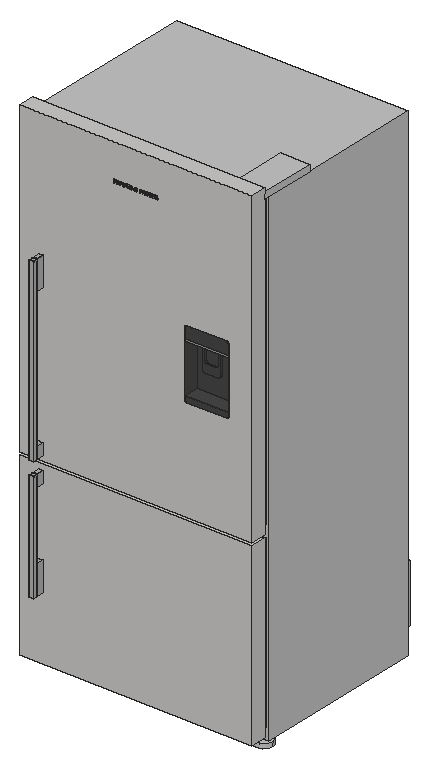
Revit family "FP-Revit18-E522BRXFDU4-Fridges", category Specialty Equipment, Revit 2018
Family settings
  Round Connector Dimension = Use Diameter
  Part Type = Normal
  OmniClass Number = 23.40.40.11.11.17
  OmniClass Title = Refrigerator-Freezer
  Work Plane-Based = No
  Always vertical = Yes
  Cut with Voids When Loaded = Yes
  Shared = No
  Room Calculation Point = No
Parameters (values of type "E522BRXFDU4")
  Visibility - Clearance Required = yes
  URL = "www.fisherpaykel.com"
  Product - Width = 790 mm  # constant formula
  Product - Height = 1720 mm  # constant formula
  Product - Depth = 736 mm  # constant formula
  Model = "E522BRXFDU4"
  Material - Logo = Fisher & Paykel - Steel, Chrome Plated
  Material - Handle = Fisher & Paykel - Aluminium
  Material - Door Structure = Fisher & Paykel - White
  Material - Door Front = Fisher & Paykel - Stainless Steel
  Material - Body = Fisher & Paykel - Grey
  Manufacturer = "Fisher & Paykel Appliances"
  Description = "79cm Freestanding Refrigerator with Bottom Freezer, Ice & Water"
  Connector Description - Water = "Ø6mm (1/4”) quick connect, Max Supply Pressure 120psi (827kPa)"
  Connector Description - Electrical = "230 V, 50Hz"
  Chassis - Width = 790 mm  # constant formula
  Chassis - Height = 1662 mm  # constant formula
  Chassis - Depth = 625 mm  # constant formula
  Cavity - Width = 830 mm  # constant formula
  Cavity - Height = 1735 mm  # constant formula
  Cavity - Depth = 625 mm  # constant formula
Reference planes
  plane 1 "Datum": y = 0
  plane 2: z = 0
  plane 3 "Center (Left/Right)": x = 0
  plane 4 "Product LHS": x = -395
  plane 5 "Product RHS": x = 395
  plane 6 "Product - Depth": y = 625
  plane 7 "Cavity LHS": x = -415
  plane 8 "Cavity RHS": x = 415
  plane 9 "Cavity - Depth": y = 625
  plane 10 "Product Height": z = 1720
  plane 11 "Cavity Height": z = 1735
  plane 12 "Door Panel Front": y = -70
Forms (mm)
  Extrusion 1, solid, material "Fisher & Paykel - Grey" <- "Material - Body"
    sketch origin (0, 0, 0) x (0, 1, 0) y (0, 0, 1)
      loop
        line (0, 24) -> (595, 24) -> (595, 1686) -> (0, 1686) -> (0, 24)
    from -395 to 395
  Extrusion 2, solid, material "Fisher & Paykel - Grey" <- "Material - Body"
    sketch origin (0, 0, 0) x (1, 0, 0) y (0, 1, 0)
      loop
        circle (-365, 18.6) r 4.9
      loop
        circle (365, 18.6) r 4.9
    from 14 to 24
  Extrusion 3, solid, material "Fisher & Paykel - Grey" <- "Material - Body"
    sketch origin (0, 0, 0) x (1, 0, 0) y (0, 1, 0)
      loop
        circle (-365, 18.6) r 30
      loop
        circle (365, 18.6) r 30
    from 0 to 14
  Extrusion 4, solid, material "Fisher & Paykel - Grey" <- "Material - Body"
    sketch origin (0, 0, 0) x (1, 0, 0) y (0, 0, 1)
      loop
        circle (355.042, 69) r 5
      loop
        circle (305.042, 69) r 5
    from -615 to -595
  Extrusion 5, solid, material "Fisher & Paykel - White" <- "Material - Door Structure"
    sketch origin (0, 0, 0) x (1, 0, 0) y (0, 1, 0)
      loop
        line (-387, 0) -> (-387, -15) -> (387, -15) -> (387, 0) -> (-387, 0)
    from 682 to 1680
  Extrusion 6, solid, material "Fisher & Paykel - Stainless Steel" <- "Material - Door Front"
    sketch origin (0, 0, 0) x (1, 0, 0) y (0, 1, 0)
      loop
        line (-395, -15) -> (-395, -70) -> (395, -70) -> (395, -15) -> (-395, -15)
    from 660 to 1720
  Extrusion 7, solid, material "Fisher & Paykel - Clearance Required", visible <- "Visibility - Clearance Required", detail levels coarse
    sketch origin (0, 0, 0) x (1, 0, 0) y (0, 1, 0)
      loop
        line (-415, 625) -> (-415, -70) -> (550, -70) -> (550, 0) -> (415, 0) -> (415, 625) -> (-415, 625)
    from 0 to 1735
  Extrusion 8, void
    sketch origin (0, 0, 0) x (1, 0, 0) y (0, 1, 0)
      loop
        line (-415, 625) -> (-415, -70) -> (550, -70) -> (550, 0) -> (415, 0) -> (415, 625) -> (-415, 625)
    from 0 to 1735
  Extrusion 9, solid, material "Fisher & Paykel - Stainless Steel" <- "Material - Door Front"
    sketch origin (0, 0, 0) x (1, 0, 0) y (0, 1, 0)
      loop
        line (-395, -15) -> (-395, -70) -> (395, -70) -> (395, -15) -> (-395, -15)
    from 40 to 650
  Extrusion 10, solid, material "Fisher & Paykel - White" <- "Material - Door Structure"
    sketch origin (0, 0, 0) x (1, 0, 0) y (0, 1, 0)
      loop
        line (-387, 0) -> (-387, -15) -> (387, -15) -> (387, 0) -> (-387, 0)
    from 62 to 642
  Extrusion 11, solid, material "Fisher & Paykel - Grey" <- "Material - Body"
    sketch origin (229.237, 0, 0) x (0, 1, 0) y (0, 0, 1)
      loop
        line (595, 324) -> (595, 94) -> (625, 94) -> (625, 294) -> (595, 324)
    from -604.237 to 145.763
  Extrusion 12, solid, material "Fisher & Paykel - Grey" <- "Material - Body"
    sketch origin (0, 0, 0) x (0, 1, 0) y (0, 0, 1)
      loop
        line (595, 94) -> (595, 24) -> (625, 24) -> (625, 94) -> (595, 94)
    from -375 to 280
  Extrusion 13, solid, material "Fisher & Paykel - Grey" <- "Material - Body"
    sketch origin (0, 0, 0) x (1, 0, 0) y (0, 1, 0)
      loop
        line (296.4, 174) -> (296.4, -15) -> (395, -15) -> (395, 174) -> (296.4, 174)
    from 1686 to 1708
  Extrusion 14, solid, material "Fisher & Paykel - Clearance Required", visible <- "Visibility - Clearance Required", detail levels coarse
    sketch origin (0, 0, 0) x (1, 0, 0) y (0, 1, 0)
      loop
        arc (-395, -70) -> (135.432, -761.124) -> (975.827, -531.456) r 781.226
        line (975.827, -531.456) -> (928.772, -489.304) -> (956.233, -458.65) -> (945.351, -447.768) -> (917.327, -479.052) -> (460.698, -70) -> (-395, -70)
    from 0 to 1735
  Extrusion 15, void
    sketch origin (-955, 0, 0) x (1, 0, 0) y (0, 0, 1)
      loop
        arc (1128, 1245.6) -> (1122.343, 1243.257) -> (1120, 1237.6) r 8
        line (1120, 1237.6) -> (1120, 1018)
        arc (1120, 1018) -> (1122.343, 1012.343) -> (1128, 1010) r 8
        line (1128, 1010) -> (1262.5, 1010)
        arc (1262.5, 1010) -> (1268.157, 1012.343) -> (1270.5, 1018) r 8
        line (1270.5, 1018) -> (1270.5, 1237.6)
        arc (1270.5, 1237.6) -> (1268.157, 1243.257) -> (1262.5, 1245.6) r 8
        line (1262.5, 1245.6) -> (1128, 1245.6)
    from 15 to 70
  Extrusion 16, solid, material "Fisher & Paykel - Grey" <- "Material - Body", detail levels fine
    sketch origin (0, 0, -4) x (0, 1, 0) y (0, 0, 1)
      loop
        arc (62.091, 28) -> (87.5, 4) -> (112.909, 28) r 25.45
        line (112.909, 28) -> (62.091, 28)
      loop
        arc (503.639, 28) -> (529.047, 4) -> (554.456, 28) r 25.45
        line (554.456, 28) -> (503.639, 28)
    from 345 to 362
  Extrusion 17, solid, material "Fisher & Paykel - Grey" <- "Material - Body", detail levels fine
    sketch origin (0, 0, -4) x (0, 1, 0) y (0, 0, -1)
      loop
        line (62.091, -28) -> (112.909, -28)
        arc (112.909, -28) -> (87.5, -4) -> (62.091, -28) r 25.45
      loop
        line (503.639, -28) -> (554.456, -28)
        arc (554.456, -28) -> (529.047, -4) -> (503.639, -28) r 25.45
    from 345 to 362
  Extrusion 18, solid, material "Fisher & Paykel - Aluminium" <- "Material - Handle", detail levels fine
    sketch origin (-324.3, -70, 0) x (1, 0, 0) y (0, 1, 0)
      loop
        arc (-7.7, -27.749) -> (0.04, -25.059) -> (7.7, -27.971) r 11.986
        line (7.7, -27.971) -> (7.7, 0) -> (-7.7, 0) -> (-7.7, -27.749)
    from 257 to 357
  Extrusion 19, solid, material "Fisher & Paykel - Aluminium" <- "Material - Handle", detail levels fine
    sketch origin (-324.3, -70, 0) x (1, 0, 0) y (0, 1, 0)
      loop
        arc (-7.7, -27.749) -> (0.04, -25.059) -> (7.7, -27.971) r 11.986
        line (7.7, -27.971) -> (7.7, 0) -> (-7.7, 0) -> (-7.7, -27.749)
    from 591 to 631
  Extrusion 20, solid, material "Fisher & Paykel - Aluminium" <- "Material - Handle", detail levels fine
    sketch origin (-324.3, -70, 0) x (1, 0, 0) y (0, 1, 0)
      loop
        arc (-7.7, -27.749) -> (0.04, -25.059) -> (7.7, -27.971) r 11.986
        line (7.7, -27.971) -> (7.7, 0) -> (-7.7, 0) -> (-7.7, -27.749)
    from 676 to 716
  Extrusion 21, solid, material "Fisher & Paykel - Aluminium" <- "Material - Handle", detail levels fine
    sketch origin (-324.3, -70, 0) x (1, 0, 0) y (0, 1, 0)
      loop
        arc (-7.7, -27.749) -> (0.04, -25.059) -> (7.7, -27.971) r 11.986
        line (7.7, -27.971) -> (7.7, 0) -> (-7.7, 0) -> (-7.7, -27.749)
    from 1188 to 1288
  Extrusion 22, solid, material "Fisher & Paykel - Aluminium" <- "Material - Handle", detail levels fine
    sketch origin (-324.3, -70, 0) x (1, 0, 0) y (0, 1, 0)
      loop
        arc (-8, -39.496) -> (-7.559, -40.559) -> (-6.496, -41) r 1.504
        line (-6.496, -41) -> (6.5, -41)
        arc (6.5, -41) -> (7.561, -40.561) -> (8, -39.5) r 1.5
        line (8, -39.5) -> (8, -28.788)
        arc (8, -28.788) -> (7.908, -28.369) -> (7.649, -28.028) r 1
        arc (7.649, -28.028) -> (0.055, -25.159) -> (-7.625, -27.788) r 11.986
        arc (-7.625, -27.788) -> (-7.901, -28.136) -> (-8, -28.569) r 1
        line (-8, -28.569) -> (-8, -39.496)
    from 676 to 1288
  Extrusion 23, solid, material "Fisher & Paykel - Aluminium" <- "Material - Handle", detail levels fine
    sketch origin (-324.3, -70, 0) x (1, 0, 0) y (0, 1, 0)
      loop
        arc (-8, -39.496) -> (-7.559, -40.559) -> (-6.496, -41) r 1.504
        line (-6.496, -41) -> (6.5, -41)
        arc (6.5, -41) -> (7.561, -40.561) -> (8, -39.5) r 1.5
        line (8, -39.5) -> (8, -28.788)
        arc (8, -28.788) -> (7.908, -28.369) -> (7.649, -28.028) r 1
        arc (7.649, -28.028) -> (0.055, -25.159) -> (-7.625, -27.788) r 11.986
        arc (-7.625, -27.788) -> (-7.901, -28.136) -> (-8, -28.569) r 1
        line (-8, -28.569) -> (-8, -39.496)
    from 257 to 631
  Extrusion 24, solid, material "Fisher & Paykel - Aluminium" <- "Material - Handle", detail levels coarse+medium
    sketch origin (-324.3, -70, 0) x (0, 1, 0) y (0, 0, 1)
      loop
        line (0, 1288) -> (-41, 1288) -> (-41, 676) -> (0, 676) -> (0, 716) -> (-25.058, 716) -> (-25.058, 1188) -> (0, 1188) -> (0, 1288)
      loop
        line (0, 631) -> (-41, 631) -> (-41, 257) -> (0, 257) -> (0, 357) -> (-25, 357) -> (-25, 591) -> (0, 591) -> (0, 631)
    from -8 to 8
  Sweep 25, void
    path in 3D
      loop
        line (-332.3, -98.569, 1288) -> (-332.3, -109.496, 1288)
        arc (-332.3, -109.496, 1288) -> (-331.859, -110.559, 1288) -> (-330.796, -111, 1288) r 1.504
        line (-330.796, -111, 1288) -> (-317.8, -111, 1288)
        arc (-317.8, -111, 1288) -> (-316.739, -110.561, 1288) -> (-316.3, -109.5, 1288) r 1.5
        line (-316.3, -109.5, 1288) -> (-316.3, -98.788, 1288)
    profile origin (-316.3, -104.144, 1288) x (-1, 0, 0) y (0, 0, 1)
      loop
        line (0, 0) -> (0, -1.2) -> (1.2, 0) -> (0, 0)
  Extrusion 26, void
    sketch origin (-324.3, -70, -3) x (1, 0, 0) y (0, 0, 1)
      loop
        line (6.8, 1291) -> (8, 1289.8) -> (8, 1291) -> (6.8, 1291)
      loop
        line (-6.8, 1291) -> (-8, 1291) -> (-8, 1289.8) -> (-6.8, 1291)
    from 0 to 41
  Sweep 27, void
    path in 3D
      loop
        line (-332.3, -98.569, 631) -> (-332.3, -109.496, 631)
        arc (-332.3, -109.496, 631) -> (-331.859, -110.559, 631) -> (-330.796, -111, 631) r 1.504
        line (-330.796, -111, 631) -> (-317.8, -111, 631)
        arc (-317.8, -111, 631) -> (-316.739, -110.561, 631) -> (-316.3, -109.5, 631) r 1.5
        line (-316.3, -109.5, 631) -> (-316.3, -98.788, 631)
    profile origin (-316.3, -104.144, 631) x (-1, 0, 0) y (0, 0, 1)
      loop
        line (0, 0) -> (0, -1.2) -> (1.2, 0) -> (0, 0)
  Extrusion 28, void
    sketch origin (-324.3, -70, -3) x (1, 0, 0) y (0, 0, 1)
      loop
        line (6.8, 634) -> (8, 632.8) -> (8, 634) -> (6.8, 634)
      loop
        line (-6.8, 634) -> (-8, 634) -> (-8, 632.8) -> (-6.8, 634)
    from 0 to 41
  Extrusion 29, solid, material "Fisher & Paykel - Aluminium" <- "Material - Handle", not visible, detail levels fine
    sketch origin (1231.336, 179.177, 0) x (1, 0, 0) y (0, 1, 0)
      loop
        arc (-7.7, -27.749) -> (0.04, -25.059) -> (7.7, -27.971) r 11.986
        line (7.7, -27.971) -> (7.7, 0) -> (-7.7, 0) -> (-7.7, -27.749)
    from 257 to 357
  Extrusion 30, solid, material "Fisher & Paykel - Aluminium" <- "Material - Handle", not visible, detail levels fine
    sketch origin (1231.336, 179.177, 0) x (1, 0, 0) y (0, 1, 0)
      loop
        arc (-7.7, -27.749) -> (0.04, -25.059) -> (7.7, -27.971) r 11.986
        line (7.7, -27.971) -> (7.7, 0) -> (-7.7, 0) -> (-7.7, -27.749)
    from 591 to 631
  Extrusion 31, solid, material "Fisher & Paykel - Aluminium" <- "Material - Handle", not visible, detail levels fine
    sketch origin (1231.336, 179.177, 0) x (1, 0, 0) y (0, 1, 0)
      loop
        arc (-7.7, -27.749) -> (0.04, -25.059) -> (7.7, -27.971) r 11.986
        line (7.7, -27.971) -> (7.7, 0) -> (-7.7, 0) -> (-7.7, -27.749)
    from 676 to 716
  Extrusion 32, solid, material "Fisher & Paykel - Aluminium" <- "Material - Handle", not visible, detail levels fine
    sketch origin (1231.336, 179.177, 0) x (1, 0, 0) y (0, 1, 0)
      loop
        arc (-7.7, -27.749) -> (0.04, -25.059) -> (7.7, -27.971) r 11.986
        line (7.7, -27.971) -> (7.7, 0) -> (-7.7, 0) -> (-7.7, -27.749)
    from 1188 to 1288
  Extrusion 33, solid, material "Fisher & Paykel - Aluminium" <- "Material - Handle", not visible, detail levels fine
    sketch origin (1231.336, 179.177, 0) x (1, 0, 0) y (0, 1, 0)
      loop
        arc (-8, -39.496) -> (-7.559, -40.559) -> (-6.496, -41) r 1.504
        line (-6.496, -41) -> (6.5, -41)
        arc (6.5, -41) -> (7.561, -40.561) -> (8, -39.5) r 1.5
        line (8, -39.5) -> (8, -28.788)
        arc (8, -28.788) -> (7.908, -28.369) -> (7.649, -28.028) r 1
        arc (7.649, -28.028) -> (0.055, -25.159) -> (-7.625, -27.788) r 11.986
        arc (-7.625, -27.788) -> (-7.901, -28.136) -> (-8, -28.569) r 1
        line (-8, -28.569) -> (-8, -39.496)
    from 676 to 1288
  Extrusion 34, solid, material "Fisher & Paykel - Aluminium" <- "Material - Handle", not visible, detail levels fine
    sketch origin (1231.336, 179.177, 0) x (1, 0, 0) y (0, 1, 0)
      loop
        arc (-8, -39.496) -> (-7.559, -40.559) -> (-6.496, -41) r 1.504
        line (-6.496, -41) -> (6.5, -41)
        arc (6.5, -41) -> (7.561, -40.561) -> (8, -39.5) r 1.5
        line (8, -39.5) -> (8, -28.788)
        arc (8, -28.788) -> (7.908, -28.369) -> (7.649, -28.028) r 1
        arc (7.649, -28.028) -> (0.055, -25.159) -> (-7.625, -27.788) r 11.986
        arc (-7.625, -27.788) -> (-7.901, -28.136) -> (-8, -28.569) r 1
        line (-8, -28.569) -> (-8, -39.496)
    from 257 to 631
  Extrusion 35, solid, material "Fisher & Paykel - Aluminium" <- "Material - Handle", not visible, detail levels coarse+medium
    sketch origin (1231.336, 179.177, 0) x (0, 1, 0) y (0, 0, 1)
      loop
        line (0, 1288) -> (-41, 1288) -> (-41, 676) -> (0, 676) -> (0, 716) -> (-25.058, 716) -> (-25.058, 1188) -> (0, 1188) -> (0, 1288)
      loop
        line (0, 631) -> (-41, 631) -> (-41, 257) -> (0, 257) -> (0, 357) -> (-25, 357) -> (-25, 591) -> (0, 591) -> (0, 631)
    from -8 to 8
  Sweep 36, void, not visible
    path in 3D
      loop
        line (1223.336, 150.608, 1288) -> (1223.336, 139.681, 1288)
        arc (1223.336, 139.681, 1288) -> (1223.777, 138.617, 1288) -> (1224.84, 138.177, 1288) r 1.504
        line (1224.84, 138.177, 1288) -> (1237.836, 138.177, 1288)
        arc (1237.836, 138.177, 1288) -> (1238.897, 138.616, 1288) -> (1239.336, 139.677, 1288) r 1.5
        line (1239.336, 139.677, 1288) -> (1239.336, 150.389, 1288)
    profile origin (1239.336, 145.033, 1288) x (-1, 0, 0) y (0, 0, 1)
      loop
        line (0, 0) -> (0, -1.2) -> (1.2, 0) -> (0, 0)
  Extrusion 37, void, not visible
    sketch origin (1231.336, 179.177, -3) x (1, 0, 0) y (0, 0, 1)
      loop
        line (6.8, 1291) -> (8, 1289.8) -> (8, 1291) -> (6.8, 1291)
      loop
        line (-6.8, 1291) -> (-8, 1291) -> (-8, 1289.8) -> (-6.8, 1291)
    from 0 to 41
  Sweep 38, void, not visible
    path in 3D
      loop
        line (1223.336, 150.608, 631) -> (1223.336, 139.681, 631)
        arc (1223.336, 139.681, 631) -> (1223.777, 138.617, 631) -> (1224.84, 138.177, 631) r 1.504
        line (1224.84, 138.177, 631) -> (1237.836, 138.177, 631)
        arc (1237.836, 138.177, 631) -> (1238.897, 138.616, 631) -> (1239.336, 139.677, 631) r 1.5
        line (1239.336, 139.677, 631) -> (1239.336, 150.389, 631)
    profile origin (1239.336, 145.033, 631) x (-1, 0, 0) y (0, 0, 1)
      loop
        line (0, 0) -> (0, -1.2) -> (1.2, 0) -> (0, 0)
  Extrusion 39, void, not visible
    sketch origin (1231.336, 179.177, -3) x (1, 0, 0) y (0, 0, 1)
      loop
        line (6.8, 634) -> (8, 632.8) -> (8, 634) -> (6.8, 634)
      loop
        line (-6.8, 634) -> (-8, 634) -> (-8, 632.8) -> (-6.8, 634)
    from 0 to 41
  Extrusion 40, solid, material "Fisher & Paykel - Steel, Chrome Plated" <- "Material - Logo", detail levels fine
    sketch origin (0, -70, 1596) x (1, 0, 0) y (0, 0, 1)
      loop
        line (-74.994, 0) -> (-72.633, 0) -> (-72.633, 3.207) -> (-68.944, 3.207) -> (-68.944, 5.208) -> (-72.633, 5.208) -> (-72.633, 7.068) -> (-68.62, 7.068) -> (-68.62, 9.06) -> (-74.994, 9.06) -> (-74.994, 0)
      loop
        line (-64.134, 9.06) -> (-64.134, 0) -> (-61.773, 0) -> (-61.773, 9.06) -> (-64.134, 9.06)
      loop
        line (-46.015, 9.06) -> (-46.015, 0) -> (-43.654, 0) -> (-43.654, 3.63) -> (-40.187, 3.63) -> (-40.187, 0) -> (-37.826, 0) -> (-37.826, 9.06) -> (-40.187, 9.06) -> (-40.187, 5.622) -> (-43.654, 5.622) -> (-43.654, 9.06) -> (-46.015, 9.06)
      loop
        line (-32.787, 9.06) -> (-32.787, 0) -> (-26.332, 0) -> (-26.332, 1.992) -> (-30.448, 1.992) -> (-30.448, 3.63) -> (-26.686, 3.63) -> (-26.686, 5.622) -> (-30.448, 5.622) -> (-30.448, 7.068) -> (-26.332, 7.068) -> (-26.332, 9.06) -> (-32.787, 9.06)
      loop
        line (68.572, 9.06) -> (68.572, 0) -> (75.006, 0) -> (75.006, 1.992) -> (70.933, 1.992) -> (70.933, 9.06) -> (68.572, 9.06)
      loop
        line (63.719, 9.06) -> (57.241, 9.06) -> (57.241, 0) -> (63.719, 0) -> (63.719, 1.992) -> (59.602, 1.992) -> (59.602, 3.63) -> (63.364, 3.63) -> (63.364, 5.622) -> (59.602, 5.622) -> (59.602, 7.068) -> (63.719, 7.068) -> (63.719, 9.06)
      loop
        line (50.248, 4.722) -> (53.597, 9.06) -> (50.837, 9.06) -> (47.945, 5.313) -> (47.945, 9.06) -> (45.585, 9.06) -> (45.585, 0) -> (47.945, 0) -> (47.945, 4.058) -> (50.926, 0) -> (53.716, 0) -> (50.248, 4.722)
      loop
        line (33.043, 9.06) -> (36.466, 3.63) -> (36.466, 0) -> (38.827, 0) -> (38.827, 3.511) -> (42.25, 9.06) -> (39.742, 9.06) -> (37.721, 5.561) -> (35.701, 9.06) -> (33.043, 9.06)
      loop
        line (27.79, 9.06) -> (25.547, 9.06) -> (21.858, 0) -> (24.175, 0) -> (24.824, 1.668) -> (28.454, 1.668) -> (29.103, 0) -> (31.479, 0) -> (27.79, 9.06)
      loop
        line (27.671, 3.659) -> (26.612, 6.261) -> (25.599, 3.659) -> (27.671, 3.659)
      loop
        line (12.119, 9.06) -> (12.119, 0) -> (14.48, 0) -> (14.48, 2.907) -> (15.971, 2.907)
        arc (15.971, 2.907) -> (19.048, 5.983) -> (15.971, 9.06) r 3.077
        line (15.971, 9.06) -> (12.119, 9.06)
      loop
        line (14.48, 7.068) -> (14.48, 4.796) -> (15.824, 4.796)
        arc (15.824, 4.796) -> (16.96, 5.932) -> (15.824, 7.068) r 1.136
        line (15.824, 7.068) -> (14.48, 7.068)
      loop
        line (-17.602, 9.06) -> (-21.477, 9.06) -> (-21.477, 0) -> (-19.116, 0) -> (-19.116, 2.522) -> (-18.311, 2.522) -> (-16.387, 0) -> (-13.657, 0) -> (-15.969, 2.959)
        arc (-15.969, 2.959) -> (-14.445, 6.636) -> (-17.602, 9.06) r 3.269
      loop
        line (-17.774, 7.068) -> (-19.116, 7.068) -> (-19.116, 4.579) -> (-17.774, 4.579)
        arc (-17.774, 4.579) -> (-16.529, 5.823) -> (-17.774, 7.068) r 1.244
      loop
        line (0.788, 7.068) -> (0.788, 9.229) -> (-5.291, 9.229) -> (-5.291, 7.276) -> (-4.389, 6.167)
        arc (-4.389, 6.167) -> (-5.193, 1.025) -> (0.005, 0.768) r 3.5
        line (0.005, 0.768) -> (0.63, 0) -> (3.308, 0) -> (1.362, 2.391) -> (3.12, 4.924) -> (0.694, 4.924) -> (0.053, 4) -> (-2.443, 7.068) -> (0.788, 7.068)
      loop
        arc (-3.116, 4.603) -> (-3.331, 2.502) -> (-1.23, 2.286) r 1.493
        line (-1.23, 2.286) -> (-3.116, 4.603)
      loop
        line (-52.698, 5.451) -> (-54.701, 5.866)
        arc (-54.701, 5.866) -> (-55.501, 6.665) -> (-54.701, 7.465) r 0.799
        arc (-54.701, 7.465) -> (-52.78, 7.185) -> (-51.017, 6.371) r 6.757
        line (-51.017, 6.371) -> (-51.017, 8.615)
        arc (-51.017, 8.615) -> (-53.252, 9.269) -> (-55.578, 9.164) r 7.089
        arc (-55.578, 9.164) -> (-57.732, 6.502) -> (-55.578, 3.841) r 2.721
        line (-55.578, 3.841) -> (-53.559, 3.423)
        arc (-53.559, 3.423) -> (-52.76, 2.623) -> (-53.559, 1.824) r 0.799
        arc (-53.559, 1.824) -> (-55.481, 2.103) -> (-57.244, 2.917) r 6.757
        line (-57.244, 2.917) -> (-57.244, 0.674)
        arc (-57.244, 0.674) -> (-55.009, 0.02) -> (-52.682, 0.125) r 7.089
        arc (-52.682, 0.125) -> (-50.529, 2.795) -> (-52.698, 5.451) r 2.721
    from 0 to 0.8
Cuts and joins
  joined: Extrusion 11, Extrusion 12
  Extrusion 15, Extrusion 26 cuts Extrusion 6
  Sweep 25 cuts Extrusion 14
  Sweep 25, Extrusion 26 cuts Extrusion 22
  Sweep 25 cuts Extrusion 24
  Extrusion 26 cuts Extrusion 7
  Extrusion 26 cuts Extrusion 21
  Sweep 27, Extrusion 28 cuts Extrusion 23
  Extrusion 28 cuts Extrusion 9
  Extrusion 28 cuts Extrusion 19
Lines and regions (mm)
  sketch lines
    curve 1: line (-316.3, -109.5, 1288) -> (-316.3, -98.788, 1288)
    curve 2: arc (-316.3, -109.5, 1288) -> (-316.739, -110.561, 1288) -> (-317.8, -111, 1288) r 1.5
    curve 3: line (-330.796, -111, 1288) -> (-317.8, -111, 1288)
    curve 4: arc (-330.796, -111, 1288) -> (-331.859, -110.559, 1288) -> (-332.3, -109.496, 1288) r 1.504
    curve 5: line (-332.3, -98.569, 1288) -> (-332.3, -109.496, 1288)
    curve 6: line (-316.3, -109.5, 631) -> (-316.3, -98.788, 631)
    curve 7: arc (-316.3, -109.5, 631) -> (-316.739, -110.561, 631) -> (-317.8, -111, 631) r 1.5
    curve 8: arc (-330.796, -111, 631) -> (-331.859, -110.559, 631) -> (-332.3, -109.496, 631) r 1.504
    curve 9: line (-332.3, -98.569, 631) -> (-332.3, -109.496, 631)
    curve 10: line (-330.796, -111, 631) -> (-317.8, -111, 631)
  sketch lines, not visible
    curve 11: line (1239.336, 139.677, 1288) -> (1239.336, 150.389, 1288)
    curve 12: arc (1239.336, 139.677, 1288) -> (1238.897, 138.616, 1288) -> (1237.836, 138.177, 1288) r 1.5
    curve 13: line (1224.84, 138.177, 1288) -> (1237.836, 138.177, 1288)
    curve 14: arc (1224.84, 138.177, 1288) -> (1223.777, 138.617, 1288) -> (1223.336, 139.681, 1288) r 1.504
    curve 15: line (1223.336, 150.608, 1288) -> (1223.336, 139.681, 1288)
    curve 16: line (1239.336, 139.677, 631) -> (1239.336, 150.389, 631)
    curve 17: arc (1239.336, 139.677, 631) -> (1238.897, 138.616, 631) -> (1237.836, 138.177, 631) r 1.5
    curve 18: arc (1224.84, 138.177, 631) -> (1223.777, 138.617, 631) -> (1223.336, 139.681, 631) r 1.504
    curve 19: line (1223.336, 150.608, 631) -> (1223.336, 139.681, 631)
    curve 20: line (1224.84, 138.177, 631) -> (1237.836, 138.177, 631)
Text (mm)
  text "Due to ongoing product development, product details are subject to change without notice. \nPlease always refer to www.fisherpaykel.com for the most current product information. \n© Fisher & Paykel 2020" at (41.04, -848.295, 0), in view "Ref. Level (Plan)"
Dimensions and locks
  equal spacing: plane 4 "Product LHS", plane 3 "Center (Left/Right)", plane 5 "Product RHS"
  "Product - Width": plane 4 "Product LHS" to plane 5 "Product RHS"
  "Cavity - Depth": plane 1 "Datum" to plane 6 "Product - Depth"
  equal spacing: plane 7 "Cavity LHS", plane 3 "Center (Left/Right)", plane 8 "Cavity RHS"
  "Cavity - Width": plane 7 "Cavity LHS" to plane 8 "Cavity RHS"
  Extrusion 4 sketch curve to plane 5 "Product RHS" = 39.958 mm
  locked: Extrusion 3 to level at 14
  "Product - Height": level to plane 10 "Product Height"
  Extrusion 1 sketch curve to plane 10 "Product Height" = 34 mm
  "Cavity - Height": plane 11 "Cavity Height" to level
  "Chassis - Depth": plane 1 "Datum" to plane 9 "Cavity - Depth"
  "Chassis - Depth": plane 1 "Datum" to cut or joined group of Extrusion 11, Extrusion 12
  Extrusion 15 sketch curve to Extrusion 15 sketch curve = 235.6 mm
  Extrusion 15 sketch curve to level = 1010 mm
  locked: Extrusion 9 to Extrusion 1 at 16
  locked: Extrusion 9 to Extrusion 1 at 626
  locked: cut or joined group of Extrusion 6, Extrusion 15, Extrusion 26 to Extrusion 1 at 636
  locked: Extrusion 1 to Extrusion 10 at 38
  locked: Extrusion 1 to Extrusion 5 at 658
  locked: Extrusion 1 to Extrusion 10 at 618
  locked: Extrusion 1 to Extrusion 5 at 1656
  locked: Extrusion 13 to Extrusion 1 at 22
  "Chassis - Height": Extrusion 1 to Extrusion 1
  locked: Extrusion 1 to plane 10 "Product Height" at 34
  locked: Extrusion 1 to cut or joined group of Extrusion 11, Extrusion 12 at 70
  locked: Extrusion 4 sketch curve to cut or joined group of Extrusion 11, Extrusion 12 at 25  (x2)
  Extrusion 40 to plane 2 = 1596 mm
  aligned and locked: level to plane 2
  aligned and locked: Extrusion 1 to plane 5 "Product RHS"
  aligned and locked: plane 4 "Product LHS" to Extrusion 1
  aligned and locked: Extrusion 6 sketch curve to plane 4 "Product LHS"
  aligned and locked: plane 5 "Product RHS" to Extrusion 6 sketch curve
  aligned and locked: Extrusion 1 sketch curve to plane 1 "Datum"
  aligned and locked: Extrusion 12 sketch curve to plane 6 "Product - Depth"
  aligned and locked: Extrusion 4 to Extrusion 1
  aligned and locked: Extrusion 13 to Extrusion 1
  aligned and locked: Extrusion 6 to plane 10 "Product Height"
  aligned and locked: Extrusion 2 to Extrusion 1
  aligned and locked: Extrusion 16 sketch curve to Extrusion 16 sketch curve
  aligned and locked: Extrusion 1 to Extrusion 12
  aligned and locked: Extrusion 12 to Extrusion 11
  aligned and locked: Extrusion 7 to plane 11 "Cavity Height"
  aligned and locked: Extrusion 1 to Extrusion 16 sketch curve
  aligned and locked: Extrusion 17 sketch curve to Extrusion 1  (x2)
  aligned and locked: Extrusion 8 to plane 11 "Cavity Height"
  aligned and locked: Extrusion 23 to Extrusion 24
  aligned and locked: Extrusion 24 to Extrusion 18
  aligned and locked: Extrusion 24 to Extrusion 23
  aligned and locked: Extrusion 19 to Extrusion 24
  aligned and locked: Extrusion 22 to Extrusion 24
  aligned and locked: Extrusion 24 to Extrusion 20
  aligned and locked: Extrusion 21 to Extrusion 24
Automatic sketch dimensions
  Extrusion 1 sketch curve to plane 6 "Product - Depth" = 30 mm
  level to Extrusion 1 sketch curve = 24 mm
  Extrusion 2 sketch curve to plane 4 "Product LHS" = 30 mm
  plane 5 "Product RHS" to Extrusion 2 sketch curve = 30 mm
  Extrusion 2 sketch curve to plane 1 "Datum" = 18.6 mm  (x2)
  Extrusion 3 sketch curve to plane 4 "Product LHS" = 30 mm
  plane 5 "Product RHS" to Extrusion 3 sketch curve = 30 mm
  Extrusion 3 sketch curve to plane 1 "Datum" = 18.6 mm  (x2)
  Extrusion 4 sketch curve to Extrusion 4 sketch curve = 50 mm
  plane 1 "Datum" to Extrusion 5 sketch curve = 0 mm
  Extrusion 5 sketch curve to plane 4 "Product LHS" = 8 mm
  plane 5 "Product RHS" to Extrusion 5 sketch curve = 8 mm
  plane 1 "Datum" to Extrusion 5 sketch curve = 15 mm
  plane 1 "Datum" to Extrusion 6 sketch curve = 70 mm
  plane 1 "Datum" to Extrusion 6 sketch curve = 15 mm
  Extrusion 7 sketch curve to plane 6 "Product - Depth" = 0 mm
  Extrusion 7 sketch curve to plane 7 "Cavity LHS" = 0 mm
  plane 1 "Datum" to Extrusion 7 sketch curve = 0 mm
  Extrusion 7 sketch curve to plane 8 "Cavity RHS" = 0 mm
  Extrusion 7 sketch curve to plane 8 "Cavity RHS" = 135 mm
  plane 1 "Datum" to Extrusion 7 sketch curve = 70 mm
  Extrusion 8 sketch curve to plane 6 "Product - Depth" = 0 mm
  Extrusion 8 sketch curve to plane 7 "Cavity LHS" = 0 mm
  plane 1 "Datum" to Extrusion 8 sketch curve = 0 mm
  Extrusion 8 sketch curve to plane 8 "Cavity RHS" = 0 mm
  Extrusion 8 sketch curve to plane 8 "Cavity RHS" = 135 mm
  plane 1 "Datum" to Extrusion 8 sketch curve = 70 mm
  Extrusion 9 sketch curve to plane 4 "Product LHS" = 0 mm
  Extrusion 9 sketch curve to plane 5 "Product RHS" = 0 mm
  plane 1 "Datum" to Extrusion 9 sketch curve = 70 mm
  plane 1 "Datum" to Extrusion 9 sketch curve = 15 mm
  plane 1 "Datum" to Extrusion 10 sketch curve = 0 mm
  Extrusion 10 sketch curve to plane 4 "Product LHS" = 8 mm
  plane 5 "Product RHS" to Extrusion 10 sketch curve = 8 mm
  plane 1 "Datum" to Extrusion 10 sketch curve = 15 mm
  Extrusion 11 sketch curve to plane 6 "Product - Depth" = 0 mm
  Extrusion 11 sketch curve to plane 6 "Product - Depth" = 30 mm
  level to Extrusion 11 sketch curve = 94 mm
  Extrusion 11 sketch curve to Extrusion 11 sketch curve = 200 mm
  Extrusion 11 sketch curve to Extrusion 11 sketch curve = 30 mm
  Extrusion 12 sketch curve to plane 6 "Product - Depth" = 30 mm
  level to Extrusion 12 sketch curve = 24 mm
  Extrusion 12 sketch curve to Extrusion 12 sketch curve = 70 mm
  Extrusion 13 sketch curve to plane 5 "Product RHS" = 0 mm
  Extrusion 13 sketch curve to Extrusion 13 sketch curve = 98.6 mm
  plane 1 "Datum" to Extrusion 13 sketch curve = 15 mm
  Extrusion 13 sketch curve to plane 1 "Datum" = 174 mm
  Extrusion 15 sketch curve to Extrusion 15 sketch curve = 8 mm  (x4)
  Extrusion 16 sketch curve to plane 1 "Datum" = 62.091 mm
  Extrusion 16 sketch curve to Extrusion 16 sketch curve = 25.409 mm  (x2)
  Extrusion 16 sketch curve to plane 6 "Product - Depth" = 121.361 mm
  Extrusion 16 sketch curve to Extrusion 16 sketch curve = 1.45 mm  (x2)
  Extrusion 17 sketch curve to plane 1 "Datum" = 62.091 mm
  Extrusion 17 sketch curve to Extrusion 17 sketch curve = 25.409 mm  (x2)
  Extrusion 17 sketch curve to plane 6 "Product - Depth" = 121.361 mm
  Extrusion 17 sketch curve to Extrusion 17 sketch curve = 1.45 mm  (x2)
  plane 4 "Product LHS" to Extrusion 14 sketch curve = 0 mm
  plane 5 "Product RHS" to Extrusion 14 sketch curve = 10.329 mm
  Extrusion 14 sketch curve to plane 8 "Cavity RHS" = 45.698 mm
  plane 1 "Datum" to Extrusion 14 sketch curve = 531.456 mm
  plane 1 "Datum" to Extrusion 14 sketch curve = 70 mm
  plane 1 "Datum" to Extrusion 14 sketch curve = 479.052 mm
  plane 1 "Datum" to Extrusion 14 sketch curve = 489.304 mm
  plane 1 "Datum" to Extrusion 14 sketch curve = 447.768 mm
  Extrusion 14 sketch curve to Extrusion 14 sketch curve = 10.882 mm
  plane 1 "Datum" to Extrusion 14 sketch curve = 458.65 mm
  Extrusion 14 sketch curve to plane 8 "Cavity RHS" = 502.327 mm
  Extrusion 14 sketch curve to Extrusion 14 sketch curve = 11.445 mm
  plane 3 "Center (Left/Right)" to Extrusion 15 sketch curve = 165 mm
  plane 5 "Product RHS" to Extrusion 15 sketch curve = 87.5 mm
  Extrusion 18 sketch curve to Extrusion 18 sketch curve = 7.567 mm
  Extrusion 18 sketch curve to Extrusion 18 sketch curve = 7.833 mm
  Extrusion 18 sketch curve to Extrusion 18 sketch curve = 27.749 mm
  Extrusion 18 sketch curve to Extrusion 18 sketch curve = 0.223 mm
  Extrusion 19 sketch curve to Extrusion 19 sketch curve = 7.567 mm
  Extrusion 19 sketch curve to Extrusion 19 sketch curve = 7.833 mm
  Extrusion 19 sketch curve to Extrusion 19 sketch curve = 27.749 mm
  Extrusion 19 sketch curve to Extrusion 19 sketch curve = 0.223 mm
  Extrusion 20 sketch curve to Extrusion 20 sketch curve = 7.567 mm
  Extrusion 20 sketch curve to Extrusion 20 sketch curve = 7.833 mm
  Extrusion 20 sketch curve to Extrusion 20 sketch curve = 27.749 mm
  Extrusion 20 sketch curve to Extrusion 20 sketch curve = 0.223 mm
  Extrusion 21 sketch curve to Extrusion 21 sketch curve = 7.567 mm
  Extrusion 21 sketch curve to Extrusion 21 sketch curve = 7.833 mm
  Extrusion 21 sketch curve to Extrusion 21 sketch curve = 27.749 mm
  Extrusion 21 sketch curve to Extrusion 21 sketch curve = 0.223 mm
  Extrusion 22 sketch curve to Extrusion 22 sketch curve = 1 mm  (x2)
  Extrusion 22 sketch curve to Extrusion 22 sketch curve = 1.504 mm
  Extrusion 22 sketch curve to Extrusion 22 sketch curve = 6.363 mm
  Extrusion 22 sketch curve to Extrusion 22 sketch curve = 6.633 mm
  Extrusion 22 sketch curve to Extrusion 22 sketch curve = 0.5 mm
  Extrusion 22 sketch curve to Extrusion 22 sketch curve = 2.353 mm
  Extrusion 22 sketch curve to Extrusion 22 sketch curve = 10.712 mm
  Extrusion 22 sketch curve to Extrusion 22 sketch curve = 10.927 mm
  Extrusion 22 sketch curve to Extrusion 22 sketch curve = 0 mm
  Extrusion 23 sketch curve to Extrusion 23 sketch curve = 1 mm  (x2)
  Extrusion 23 sketch curve to Extrusion 23 sketch curve = 1.504 mm
  Extrusion 23 sketch curve to Extrusion 23 sketch curve = 6.363 mm
  Extrusion 23 sketch curve to Extrusion 23 sketch curve = 6.633 mm
  Extrusion 23 sketch curve to Extrusion 23 sketch curve = 0.5 mm
  Extrusion 23 sketch curve to Extrusion 23 sketch curve = 2.353 mm
  Extrusion 23 sketch curve to Extrusion 23 sketch curve = 10.712 mm
  Extrusion 23 sketch curve to Extrusion 23 sketch curve = 10.927 mm
  Extrusion 23 sketch curve to Extrusion 23 sketch curve = 0 mm
  Extrusion 24 sketch curve to Extrusion 24 sketch curve = 15.942 mm
  Extrusion 24 sketch curve to Extrusion 24 sketch curve = 16 mm
  Extrusion 24 sketch curve to Extrusion 24 sketch curve = 41 mm  (x3)
  Extrusion 24 sketch curve to Extrusion 24 sketch curve = 25.058 mm
  Extrusion 24 sketch curve to Extrusion 24 sketch curve = 100 mm  (x2)
  Extrusion 24 sketch curve to Extrusion 24 sketch curve = 234 mm
  Extrusion 24 sketch curve to Extrusion 24 sketch curve = 40 mm  (x2)
  Extrusion 24 sketch curve to Extrusion 24 sketch curve = 45 mm
  Extrusion 24 sketch curve to Extrusion 24 sketch curve = 472 mm
  Sweep 25 sketch curve to profile plane = 0 mm  (x2)
  Sweep 25 sketch curve to profile plane = 1.2 mm  (x2)
  Extrusion 26 sketch curve to Extrusion 26 sketch curve = 1.2 mm  (x5)
  Extrusion 26 sketch curve to Extrusion 26 sketch curve = 13.6 mm
  Sweep 27 sketch curve to profile plane = 0 mm  (x2)
  Sweep 27 sketch curve to profile plane = 1.2 mm  (x2)
  Extrusion 28 sketch curve to Extrusion 28 sketch curve = 1.2 mm  (x4)
  Extrusion 28 sketch curve to Extrusion 28 sketch curve = 13.6 mm
  Extrusion 28 sketch curve to Extrusion 28 sketch curve = 0 mm
  Extrusion 24 sketch curve to Extrusion 24 sketch curve = 0 mm
  Extrusion 29 sketch curve to Extrusion 29 sketch curve = 7.567 mm
  Extrusion 29 sketch curve to Extrusion 29 sketch curve = 7.833 mm
  Extrusion 29 sketch curve to Extrusion 29 sketch curve = 27.749 mm
  Extrusion 29 sketch curve to Extrusion 29 sketch curve = 0.223 mm
  Extrusion 30 sketch curve to Extrusion 30 sketch curve = 7.567 mm
  Extrusion 30 sketch curve to Extrusion 30 sketch curve = 7.833 mm
  Extrusion 30 sketch curve to Extrusion 30 sketch curve = 27.749 mm
  Extrusion 30 sketch curve to Extrusion 30 sketch curve = 0.223 mm
  Extrusion 31 sketch curve to Extrusion 31 sketch curve = 7.567 mm
  Extrusion 31 sketch curve to Extrusion 31 sketch curve = 7.833 mm
  Extrusion 31 sketch curve to Extrusion 31 sketch curve = 27.749 mm
  Extrusion 31 sketch curve to Extrusion 31 sketch curve = 0.223 mm
  Extrusion 32 sketch curve to Extrusion 32 sketch curve = 7.567 mm
  Extrusion 32 sketch curve to Extrusion 32 sketch curve = 7.833 mm
  Extrusion 32 sketch curve to Extrusion 32 sketch curve = 27.749 mm
  Extrusion 32 sketch curve to Extrusion 32 sketch curve = 0.223 mm
  Extrusion 33 sketch curve to Extrusion 33 sketch curve = 1 mm  (x2)
  Extrusion 33 sketch curve to Extrusion 33 sketch curve = 1.504 mm
  Extrusion 33 sketch curve to Extrusion 33 sketch curve = 6.363 mm
  Extrusion 33 sketch curve to Extrusion 33 sketch curve = 6.633 mm
  Extrusion 33 sketch curve to Extrusion 33 sketch curve = 0.5 mm
  Extrusion 33 sketch curve to Extrusion 33 sketch curve = 2.353 mm
  Extrusion 33 sketch curve to Extrusion 33 sketch curve = 10.712 mm
  Extrusion 33 sketch curve to Extrusion 33 sketch curve = 10.927 mm
  Extrusion 33 sketch curve to Extrusion 33 sketch curve = 0 mm
  Extrusion 34 sketch curve to Extrusion 34 sketch curve = 1 mm  (x2)
  Extrusion 34 sketch curve to Extrusion 34 sketch curve = 1.504 mm
  Extrusion 34 sketch curve to Extrusion 34 sketch curve = 6.363 mm
  Extrusion 34 sketch curve to Extrusion 34 sketch curve = 6.633 mm
  Extrusion 34 sketch curve to Extrusion 34 sketch curve = 0.5 mm
  Extrusion 34 sketch curve to Extrusion 34 sketch curve = 2.353 mm
  Extrusion 34 sketch curve to Extrusion 34 sketch curve = 10.712 mm
  Extrusion 34 sketch curve to Extrusion 34 sketch curve = 10.927 mm
  Extrusion 34 sketch curve to Extrusion 34 sketch curve = 0 mm
  Extrusion 35 sketch curve to Extrusion 35 sketch curve = 15.942 mm
  Extrusion 35 sketch curve to Extrusion 35 sketch curve = 16 mm
  Extrusion 35 sketch curve to Extrusion 35 sketch curve = 41 mm  (x3)
  Extrusion 35 sketch curve to Extrusion 35 sketch curve = 25.058 mm
  Extrusion 35 sketch curve to Extrusion 35 sketch curve = 100 mm  (x2)
  Extrusion 35 sketch curve to Extrusion 35 sketch curve = 234 mm
  Extrusion 35 sketch curve to Extrusion 35 sketch curve = 40 mm  (x2)
  Extrusion 35 sketch curve to Extrusion 35 sketch curve = 45 mm
  Extrusion 35 sketch curve to Extrusion 35 sketch curve = 472 mm
  Sweep 36 sketch curve to profile plane = 0 mm  (x2)
  Sweep 36 sketch curve to profile plane = 1.2 mm  (x2)
  Extrusion 37 sketch curve to Extrusion 37 sketch curve = 1.2 mm  (x5)
  Extrusion 37 sketch curve to Extrusion 37 sketch curve = 13.6 mm
  Sweep 38 sketch curve to profile plane = 0 mm  (x2)
  Sweep 38 sketch curve to profile plane = 1.2 mm  (x2)
  Extrusion 39 sketch curve to Extrusion 39 sketch curve = 1.2 mm  (x4)
  Extrusion 39 sketch curve to Extrusion 39 sketch curve = 13.6 mm
  Extrusion 39 sketch curve to Extrusion 39 sketch curve = 0 mm
  Extrusion 35 sketch curve to Extrusion 35 sketch curve = 0 mm
  Extrusion 40 sketch curve to plane 3 "Center (Left/Right)" = 74.994 mm
  Extrusion 40 sketch curve to Extrusion 40 sketch curve = 2.361 mm  (x13)
  Extrusion 40 sketch curve to Extrusion 40 sketch curve = 3.689 mm
  Extrusion 40 sketch curve to Extrusion 40 sketch curve = 0.324 mm
  Extrusion 40 sketch curve to Extrusion 40 sketch curve = 4.486 mm
  Extrusion 40 sketch curve to Extrusion 40 sketch curve = 4.53 mm
  Extrusion 40 sketch curve to Extrusion 40 sketch curve = 1.665 mm
  Extrusion 40 sketch curve to Extrusion 40 sketch curve = 0.568 mm
  Extrusion 40 sketch curve to Extrusion 40 sketch curve = 0.309 mm  (x2)
  Extrusion 40 sketch curve to Extrusion 40 sketch curve = 0.54 mm
  Extrusion 40 sketch curve to Extrusion 40 sketch curve = 0.602 mm
  Extrusion 40 sketch curve to Extrusion 40 sketch curve = 1.142 mm
  Extrusion 40 sketch curve to Extrusion 40 sketch curve = 0 mm  (x19)
  Extrusion 40 sketch curve to Extrusion 40 sketch curve = 2.003 mm
  Extrusion 40 sketch curve to Extrusion 40 sketch curve = 2.542 mm
  Extrusion 40 sketch curve to Extrusion 40 sketch curve = 7.235 mm
  Extrusion 40 sketch curve to Extrusion 40 sketch curve = 3.468 mm  (x2)
  Extrusion 40 sketch curve to Extrusion 40 sketch curve = 5.039 mm
  Extrusion 40 sketch curve to Extrusion 40 sketch curve = 2.339 mm  (x2)
  Extrusion 40 sketch curve to Extrusion 40 sketch curve = 3.763 mm  (x2)
  Extrusion 40 sketch curve to Extrusion 40 sketch curve = 0.354 mm  (x4)
  Extrusion 40 sketch curve to Extrusion 40 sketch curve = 4.854 mm
  Extrusion 40 sketch curve to Extrusion 40 sketch curve = 0.805 mm
  Extrusion 40 sketch curve to Extrusion 40 sketch curve = 1.343 mm
  Extrusion 40 sketch curve to Extrusion 40 sketch curve = 0.172 mm
  Extrusion 40 sketch curve to Extrusion 40 sketch curve = 2.73 mm  (x2)
  Extrusion 40 sketch curve to Extrusion 40 sketch curve = 2.343 mm
  Extrusion 40 sketch curve to plane 3 "Center (Left/Right)" = 5.291 mm
  Extrusion 40 sketch curve to Extrusion 40 sketch curve = 0.902 mm
  Extrusion 40 sketch curve to Extrusion 40 sketch curve = 1.273 mm
  Extrusion 40 sketch curve to Extrusion 40 sketch curve = 0.638 mm
  Extrusion 40 sketch curve to Extrusion 40 sketch curve = 1.946 mm
  Extrusion 40 sketch curve to Extrusion 40 sketch curve = 0.305 mm
  Extrusion 40 sketch curve to plane 3 "Center (Left/Right)" = 1.23 mm
  plane 3 "Center (Left/Right)" to Extrusion 40 sketch curve = 0.005 mm
  plane 3 "Center (Left/Right)" to Extrusion 40 sketch curve = 0.053 mm
  plane 3 "Center (Left/Right)" to Extrusion 40 sketch curve = 0.63 mm
  plane 3 "Center (Left/Right)" to Extrusion 40 sketch curve = 0.694 mm
  plane 3 "Center (Left/Right)" to Extrusion 40 sketch curve = 0.788 mm
  plane 3 "Center (Left/Right)" to Extrusion 40 sketch curve = 1.362 mm
  Extrusion 40 sketch curve to Extrusion 40 sketch curve = 2.426 mm
  Extrusion 40 sketch curve to Extrusion 40 sketch curve = 2.678 mm
  Extrusion 40 sketch curve to Extrusion 40 sketch curve = 8.999 mm
  Extrusion 40 sketch curve to Extrusion 40 sketch curve = 1.344 mm
  Extrusion 40 sketch curve to Extrusion 40 sketch curve = 0.147 mm
  Extrusion 40 sketch curve to Extrusion 40 sketch curve = 5.887 mm
  Extrusion 40 sketch curve to Extrusion 40 sketch curve = 2.317 mm
  Extrusion 40 sketch curve to Extrusion 40 sketch curve = 0.649 mm  (x2)
  Extrusion 40 sketch curve to Extrusion 40 sketch curve = 0.723 mm
  Extrusion 40 sketch curve to Extrusion 40 sketch curve = 0.775 mm
  Extrusion 40 sketch curve to Extrusion 40 sketch curve = 1.013 mm
  Extrusion 40 sketch curve to Extrusion 40 sketch curve = 2.072 mm
  Extrusion 40 sketch curve to Extrusion 40 sketch curve = 2.243 mm  (x3)
  Extrusion 40 sketch curve to Extrusion 40 sketch curve = 0.782 mm
  Extrusion 40 sketch curve to Extrusion 40 sketch curve = 2.376 mm
  Extrusion 40 sketch curve to Extrusion 40 sketch curve = 5.252 mm
  Extrusion 40 sketch curve to Extrusion 40 sketch curve = 2.658 mm
  Extrusion 40 sketch curve to Extrusion 40 sketch curve = 0.765 mm
  Extrusion 40 sketch curve to Extrusion 40 sketch curve = 1.255 mm  (x2)
  Extrusion 40 sketch curve to Extrusion 40 sketch curve = 4.041 mm
  Extrusion 40 sketch curve to Extrusion 40 sketch curve = 2.509 mm
  Extrusion 40 sketch curve to Extrusion 40 sketch curve = 3.334 mm
  Extrusion 40 sketch curve to Extrusion 40 sketch curve = 2.303 mm
  Extrusion 40 sketch curve to Extrusion 40 sketch curve = 2.892 mm
  Extrusion 40 sketch curve to Extrusion 40 sketch curve = 2.981 mm
  Extrusion 40 sketch curve to Extrusion 40 sketch curve = 2.759 mm
  Extrusion 40 sketch curve to Extrusion 40 sketch curve = 2.79 mm
  Extrusion 40 sketch curve to Extrusion 40 sketch curve = 3.644 mm
  Extrusion 40 sketch curve to Extrusion 40 sketch curve = 4.853 mm
  Extrusion 40 sketch curve to Extrusion 40 sketch curve = 4.073 mm
  plane 10 "Product Height" to Extrusion 40 sketch curve = 124 mm  (x2)
  Extrusion 40 sketch curve to Extrusion 40 sketch curve = 0.674 mm
  Extrusion 40 sketch curve to Extrusion 40 sketch curve = 0.034 mm
  Extrusion 40 sketch curve to Extrusion 40 sketch curve = 0.768 mm
  Extrusion 40 sketch curve to Extrusion 40 sketch curve = 1.668 mm
  Extrusion 40 sketch curve to Extrusion 40 sketch curve = 1.992 mm  (x10)
  Extrusion 40 sketch curve to Extrusion 40 sketch curve = 1.523 mm
  Extrusion 40 sketch curve to Extrusion 40 sketch curve = 1.518 mm
  Extrusion 40 sketch curve to Extrusion 40 sketch curve = 1.624 mm
  Extrusion 40 sketch curve to Extrusion 40 sketch curve = 2.522 mm
  Extrusion 40 sketch curve to Extrusion 40 sketch curve = 0.393 mm  (x2)
  Extrusion 40 sketch curve to Extrusion 40 sketch curve = 0.163 mm  (x2)
  Extrusion 40 sketch curve to Extrusion 40 sketch curve = 2.907 mm
  Extrusion 40 sketch curve to Extrusion 40 sketch curve = 0.437 mm
  Extrusion 40 sketch curve to Extrusion 40 sketch curve = 3.207 mm
  Extrusion 40 sketch curve to Extrusion 40 sketch curve = 0.949 mm
  Extrusion 40 sketch curve to Extrusion 40 sketch curve = 0.637 mm  (x2)
  Extrusion 40 sketch curve to Extrusion 40 sketch curve = 0.21 mm
  Extrusion 40 sketch curve to Extrusion 40 sketch curve = 3.511 mm
  Extrusion 40 sketch curve to Extrusion 40 sketch curve = 3.63 mm
  Extrusion 40 sketch curve to Extrusion 40 sketch curve = 1.638 mm  (x2)
  Extrusion 40 sketch curve to Extrusion 40 sketch curve = 0.118 mm
  Extrusion 40 sketch curve to Extrusion 40 sketch curve = 0.924 mm  (x2)
  Extrusion 40 sketch curve to Extrusion 40 sketch curve = 1.609 mm
  Extrusion 40 sketch curve to Extrusion 40 sketch curve = 4.058 mm
  Extrusion 40 sketch curve to Extrusion 40 sketch curve = 2.057 mm
  Extrusion 40 sketch curve to Extrusion 40 sketch curve = 0.664 mm
  Extrusion 40 sketch curve to Extrusion 40 sketch curve = 1.889 mm
  Extrusion 40 sketch curve to Extrusion 40 sketch curve = 2.002 mm
  Extrusion 40 sketch curve to Extrusion 40 sketch curve = 2.028 mm
  Extrusion 40 sketch curve to Extrusion 40 sketch curve = 1.931 mm
  Extrusion 40 sketch curve to Extrusion 40 sketch curve = 1.212 mm
  Extrusion 40 sketch curve to Extrusion 40 sketch curve = 0.032 mm
  Extrusion 40 sketch curve to Extrusion 40 sketch curve = 0.415 mm
  Extrusion 40 sketch curve to Extrusion 40 sketch curve = 1.136 mm
  Extrusion 40 sketch curve to Extrusion 40 sketch curve = 0.052 mm
  Extrusion 40 sketch curve to Extrusion 40 sketch curve = 2.602 mm
  Extrusion 40 sketch curve to Extrusion 40 sketch curve = 0.92 mm
  Extrusion 40 sketch curve to Extrusion 40 sketch curve = 0.9 mm
  Extrusion 40 sketch curve to Extrusion 40 sketch curve = 1.446 mm  (x2)
  Extrusion 40 sketch curve to Extrusion 40 sketch curve = 1.859 mm
  Extrusion 40 sketch curve to Extrusion 40 sketch curve = 1.109 mm
  Extrusion 40 sketch curve to Extrusion 40 sketch curve = 1.116 mm
  Extrusion 40 sketch curve to Extrusion 40 sketch curve = 3.499 mm  (x2)
  Extrusion 40 sketch curve to Extrusion 40 sketch curve = 3.438 mm  (x2)
  Extrusion 40 sketch curve to Extrusion 40 sketch curve = 7.068 mm
  Extrusion 40 sketch curve to Extrusion 40 sketch curve = 0.104 mm
  Extrusion 40 sketch curve to Extrusion 40 sketch curve = 2.799 mm
  Extrusion 40 sketch curve to Extrusion 40 sketch curve = 4.338 mm
  Extrusion 40 sketch curve to Extrusion 40 sketch curve = 1.953 mm
  radius of Extrusion 2 sketch curve = 4.9 mm  (x2)
  radius of Extrusion 3 sketch curve = 30 mm  (x2)
  radius of Extrusion 4 sketch curve = 5 mm  (x2)
Nested families
  nested 1: "F&P Water Dispenser" at (240.25, -70, 1010), type "F&P Water Dispenser"
Connectors
  electrical at (355.042, 615, 69), driven by "Connector Description - Electrical"
    settings: on Extrusion 4, index 2, voltage 230 V, apparent load 0 VA, apparent load phase1 0 VA, apparent load phase2 0 VA, apparent load phase3 0 VA, power factor 1, load classification "Other", number of poles 1, system type 30, power factor state 1, is connector primary yes, connector utility no, sub classification motor no, connector description "230 V, 50Hz"
  piping at (305.042, 615, 69), diameter 6, driven by "Connector Description - Water"
    settings: on Extrusion 4, index 3, connector inside diameter 609.6 mm, connector length 0 mm, flow factor 0, pipe flow 0.0 L/s, pressure drop 0.0 Pa, fitting loss kfactor 0, connector angle 0.00°, fixture units 0, engagement length 0 mm, angle of deflection 0.00°, flow configuration 0, flow direction 1, fitting loss method 0, system type 20, joint type 0, gender type 0, connector reference index -1, connector utility 1, adjustable connector no, is connector primary yes, connector description "Ø6mm (1/4”) quick connect, Max Supply Pressure 120psi (827kPa)"
Definition of nested family "F&P Water Dispenser"
  Parameters (values of type "F&P Water Dispenser")
    URL = "www.fisherpaykel.com"
    Material - Trim = none
    Material - Body = none
    Manufacturer = "Fisher & Paykel Appliances"
    Connector Description - Water = ""
    Connector Description - Electrical = ""
  Reference planes
    plane 1 "Center (Front/Back)": y = 0
    plane 2: z = 0
    plane 3 "Center (Left/Right)": x = 0
  Forms (mm)
    Extrusion 1, solid, material <- "Material - Body"
      sketch origin (0, 0, 0) x (1, 0, 0) y (0, 0, 1)
        loop
          arc (-67.25, 235.6) -> (-72.907, 233.257) -> (-75.25, 227.6) r 8
          line (-75.25, 227.6) -> (-75.25, 8)
          arc (-75.25, 8) -> (-72.907, 2.343) -> (-67.25, 0) r 8
          line (-67.25, 0) -> (67.25, 0)
          arc (67.25, 0) -> (72.907, 2.343) -> (75.25, 8) r 8
          line (75.25, 8) -> (75.25, 227.609)
          arc (75.25, 227.609) -> (72.909, 233.259) -> (67.259, 235.6) r 7.991
          line (67.259, 235.6) -> (-67.25, 235.6)
        loop
          line (-74.25, 192.6) -> (-74.25, 20) -> (74.25, 20) -> (74.25, 192.6) -> (-74.25, 192.6)
      from -55 to 0
    Extrusion 2, solid, material <- "Material - Trim", detail levels fine
      sketch origin (0, 0, 0) x (1, 0, 0) y (0, 0, 1)
        loop
          line (-74.25, 192.6) -> (-74.25, 187.1) -> (74.25, 187.1) -> (74.25, 192.6) -> (-74.25, 192.6)
      from -55 to 0
    Extrusion 3, solid, material <- "Material - Body"
      sketch origin (0, 0, 0) x (1, 0, 0) y (0, 0, 1)
        loop
          line (-74.25, 187.1) -> (-74.25, 20) -> (74.25, 20) -> (74.25, 187.1) -> (-74.25, 187.1)
      from -55 to -50
    Extrusion 4, solid, material <- "Material - Body", detail levels fine
      sketch origin (0, 0, 0) x (1, 0, 0) y (0, 0, 1)
        loop
          line (-30, 187.1) -> (-30, 105.1)
          arc (-30, 105.1) -> (-27.657, 99.443) -> (-22, 97.1) r 8
          line (-22, 97.1) -> (22, 97.1)
          arc (22, 97.1) -> (27.657, 99.443) -> (30, 105.1) r 8
          line (30, 105.1) -> (30, 187.1) -> (23.5, 187.1) -> (23.5, 134.1)
          arc (23.5, 134.1) -> (21.157, 128.443) -> (15.5, 126.1) r 8
          line (15.5, 126.1) -> (-15.5, 126.1)
          arc (-15.5, 126.1) -> (-21.157, 128.443) -> (-23.5, 134.1) r 8
          line (-23.5, 134.1) -> (-23.5, 187.1) -> (-30, 187.1)
      from -27.6 to -21.6
    Extrusion 5, solid, material <- "Material - Body", detail levels fine
      sketch origin (0, 0, 0) x (1, 0, 0) y (0, 1, 0)
        loop
          circle (0, 24.6) r 7.5
      from 179.1 to 187.1
  Dimensions and locks
    aligned and locked: level to plane 2
